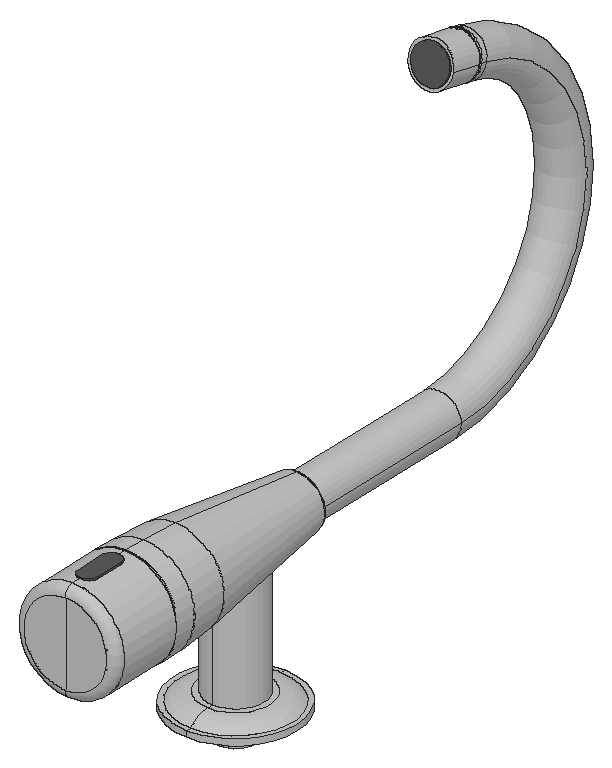
Revit family "Plumbing-Fix_Faucet-Touchless_Stern_Apollo-Free", category Plumbing Fixtures, host Face, Revit 2022
Family settings
  Host = Face
  Round Connector Dimension = Use Diameter
  Part Type = Normal
  OmniClass Number = 23.45.55.14
  OmniClass Title = Single Faucets
  Cut with Voids When Loaded = No
  Maintain Annotation Orientation = No
  Shared = No
  Room Calculation Point = No
Parameters (values of type "1.58 GPM")
  Waste Connection = no
  Warranty Duration (Years) = 2
  WFU = 0
  Vent Connection = no
  Unit Width = 0' - 2"
  Unit Height = 1' - 0 5/8"
  URL = "http://www.sternfaucets.com/"
  Type Comments = "as Specified"
  Standards Conformance = "as Specified"
  Spout Reach = 0' - 9 3/16"
  Spout Height = 0' - 8 15/16"
  Specification = ""
  SpecWizard = ""
  Sales Information = "http://www.sternfaucets.com/contact-us/contact-us-int-l.html"
  Revision = "R1_2018-04"
  Product Properties = ""
  Product Features = "Exposed Installation"
  Product Data = "http://www.arcat.com/arcatcos/cos50/arc50092.html"
  Power Supply = "9V Battery"
  Piping_Inlet Diameter = 1/2"
  Piping_Flow = 1.58 GPM
  Operating Temperature Range = "Up to 149 F / 65 C"
  Operating Pressure Range = "7.26 - 116 PSI  ;  0.5 - 8 bar"
  Model = "Apollo Free"
  Manufacturer Website = "http://www.sternfaucets.com/"
  Manufacturer Phone - Toll Free = "800-436-4410"
  Manufacturer Phone = ""
  Manufacturer Fax = ""
  Manufacturer Address = "777 Passaic Ave.  Clifton, NJ 07012"
  Manufacturer = "Stern Engineering"
  Maintenance Schedule (Months) = 0
  Keynote = "22 40 00"
  Installation Phase = ""
  HWFU = 1
  HW Connection = yes
  Green Building-LEED = ""
  Fixture Finish [instance] = Finish - Stern - Chrome
  Expected Lifespan (Years) = 0
  Drawn By = "Sumex Design, Inc. / Robert S. Weygant, CSI, CDT, SCIP"
  Description = "Stern Touchless Wall Mounted Faucet - Apollo Free as Specified"
  Default Elevation = 0' - 0"
  Cost = 0
  Copyright = "©Arcat Inc."
  Construction Details = ""
  CWFU = 1
  CW Connection = yes
  Body Construction = "Brass"
  Available Options = "as Specified"
  Assembly Code = "D2010300"
  Accent Color [instance] = Finish - Stern - Black
Types (5): name | Piping_Flow
  1.58 GPM | 1.58 GPM
  1 GPM | 1 GPM
  0.8 GPM | 0.8 GPM
  0.5 GPM | 0.5 GPM
  0.35 GPM | 0.35 GPM
Reference planes (in)
  plane 1 "Center (Front/Back)": y = 0
  plane 2: z = 0
  plane 3 "Center (Left/Right)": x = 0
  plane 4: z = 2.91339
  plane 5: z = 9.17323
  plane 6: y = 4.75668
Forms (in)
  Extrusion 1, solid, material "Finish - Stern - Black" <- "Accent Color"
    sketch origin (0, -4.34293, 2.10428) x (1, 0, 0) y (0, 1, 0)
      loop
        line (-0.1875, 1.3125) -> (-0.1875, 0.75)
        arc (-0.1875, 0.75) -> (0, 0.5625) -> (0.1875, 0.75) r 0.1875
        line (0.1875, 0.75) -> (0.1875, 1.3125)
        arc (0.1875, 1.3125) -> (0, 1.5) -> (-0.1875, 1.3125) r 0.1875
    from 0 to 1.81044
  Extrusion 2, void
    sketch origin (0, 0, 0) x (1, 0, 0) y (0, 1, 0)
      loop
        circle (0, 0) r 0.625
    from 0 to -1.44157
  Extrusion 3, solid, material "Finish - Stern - Chrome" <- "Fixture Finish"
    sketch origin (0, 0, 0) x (1, 0, 0) y (0, 1, 0)
      loop
        circle (0, 0) r 0.39132
    from 0 to -0.5
  Revolve 4, solid, material "Finish - Stern - Chrome" <- "Fixture Finish"
    sketch origin (0, 0, 0) x (0, 1, 0) y (0, 0, 1)
      loop
        line (0, 0) -> (0, 2.92102) -> (-0.55471, 2.92102) -> (-0.55471, 0.27923) -> (-0.67418, 0.27923)
        arc (-0.67418, 0.27923) -> (-0.90101, 0.23809) -> (-1.09896, 0.11993) r 0.64602
        line (-1.09896, 0.11993) -> (-1.19708, 0.11993) -> (-1.19708, 0) -> (0, 0)
      axis (0, 0) -> (0, 2.92102)
    angle from 0 to 360
  Revolve 5, solid, material "Finish - Stern - Chrome" <- "Fixture Finish"
    sketch origin (0, 0, 0) x (0, 1, 0) y (0, 0, 1)
      loop
        line (-4.13538, 2.91339) -> (1.52233, 2.91339) -> (1.52233, 3.41781)
        arc (1.52233, 3.41781) -> (1.51463, 3.43835) -> (1.49532, 3.44877) r 0.03125
        line (1.49532, 3.44877) -> (-1.46082, 3.85371)
        arc (-1.46082, 3.85371) -> (-1.8501, 3.8936) -> (-2.24119, 3.90691) r 5.75
        line (-2.24119, 3.90691) -> (-2.66183, 3.90691) -> (-2.66183, 3.85888) -> (-2.69351, 3.85888) -> (-2.69351, 3.90691) -> (-3.95124, 3.90691)
        arc (-3.95124, 3.90691) -> (-4.08144, 3.85298) -> (-4.13538, 3.72277) r 0.18414
        line (-4.13538, 3.72277) -> (-4.13538, 2.91339)
      axis (-4.13538, 2.91339) -> (1.52233, 2.91339)
    angle from 0 to 360
  Sweep 6, solid, material "Finish - Stern - Chrome" <- "Fixture Finish"
    path origin (0, 0, 0) x (0, 1, 0) y (0, 0, 1)
      loop
        line (-1.25, 2.91339) -> (4.93794, 2.91339)
        arc (4.93794, 2.91339) -> (7.98462, 5.66497) -> (5.55656, 8.97526) r 3.0625
        line (5.55656, 8.97526) -> (4.75822, 9.13991)
    profile origin (0, 1.84397, 2.91339) x (0, 0, 1) y (1, 0, 0)
      loop
        circle (0.00763, 0) r 0.4375
  Revolve 7, void
    sketch origin (0, 0, 0) x (0, 1, 0) y (0, 0, 1)
      loop
        line (5.53087, 9.41947) -> (5.46966, 9.4321)
        arc (5.46966, 9.4321) -> (5.48945, 9.41867) -> (5.49395, 9.39518) r 0.03125
        arc (5.49395, 9.39518) -> (5.50738, 9.41497) -> (5.53087, 9.41947) r 0.03125
      axis (5.38129, 9.00362) -> (5.4425, 8.99099)
    angle from 0 to 360
  Extrusion 8, solid, material "Finish - Stern - Black" <- "Accent Color"
    sketch origin (0, 4.75822, 9.13991) x (1, 0, 0) y (0, 0.201996, 0.979386)
      loop
        circle (0, -0.00763) r 0.37654
    from -0.36015 to 0.01122
Cuts and joins
  Extrusion 2 cuts Extrusion 1
  Revolve 7 cuts Sweep 6
Dimensions and locks (in)
  locked: Extrusion 1 sketch curve to Extrusion 1 sketch curve at 0.5625
  aligned and locked: plane 2 to host face
  aligned and locked: level to host face
Connectors (in)
  piping at (0, 0, -0.5), diameter 0.5, driven by "Piping_Flow", driven by "Piping_Inlet Diameter"
    settings: on Extrusion 3, index 2, connector inside diameter 24", connector length 0' - 0", flow factor 0, pipe flow 1.58 GPM, pressure drop 0.00 psi, fitting loss kfactor 0, connector angle 0.00°, fixture units 0, engagement length 0' - 0", angle of deflection 0.00°, flow configuration 0, flow direction 1, fitting loss method 0, system type 22, joint type 0, gender type 0, connector reference index -1, connector utility 0, adjustable connector no, is connector primary yes, connector description "Tempered Inlet"
  electrical at (0, 0, 0)
    settings: on Revolve 4, index 3, voltage 0 V, apparent load 0 VA, apparent load phase1 0 VA, apparent load phase2 0 VA, apparent load phase3 0 VA, power factor 1, load classification "Other", number of poles 1, system type 13, power factor state 1, is connector primary yes, connector utility no, sub classification motor no, connector description ""
